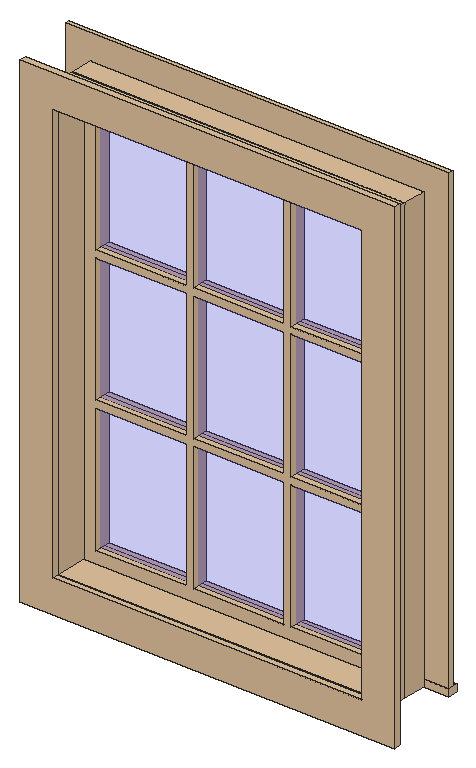
Revit family
Parameters (values of type "36" x 48"")
  Assembly Code = "B2020100"
  Glass Pane Material = Glass
  Height = 4' - 0"
  Sash Material = Sash
  Default Sill Height = 3' - 0"
  Trim Exterior Material = Trim
  Trim Interior Material = Trim
  Trim Projection - Ext. = 0' - 0 1/2"
  Trim Projection - Int. = 0' - 0 3/4"
  Trim Width - Exterior = 0' - 3 1/2"
  Trim Width - Interior = 0' - 3 1/2"
  Wall Closure = (empty or 0)
  Width = 3' - 0"
  Window Inset = 0' - 0 3/4"
Types (4): name | Height | Default Sill Height
  (no name) | 4' - 0" | 3' - 0"
  36" x 48" | 4' - 0" | 3' - 0"
  36" x 60" | 5' - 0" | 2' - 0"
  36" x 72" | 6' - 0" | 1' - 0"
Reference planes (in)
  plane 1: y = 0
  plane 2: z = 0
  plane 3 "Center": x = 0
  plane 4 "Left": x = -18
  plane 5 "Right": x = 18
  plane 6 "Sill": z = 36
  plane 7 "Top": z = 84
  plane 8: y = 3
  plane 9: y = -3
  plane 10: y = 2.25
  plane 11 "Top": z = 60
  plane 12: x = -15.5
  plane 13: x = 15.5
  plane 14: x = -5.29167
  plane 15: x = 5.29167
  plane 16: z = 81.5
  plane 17: z = 38.5
  plane 18: z = 67.29167
  plane 19: z = 52.70833
  plane 20: x = -16.75
  plane 21: x = -17.25
  plane 22: x = -20.25
  plane 23: x = -20.75
  plane 24: x = 16.75
  plane 25: x = 17.25
  plane 26: x = 20.25
  plane 27: x = 20.75
  plane 28: z = 86.75
  plane 29: z = 82.75
  plane 30: z = 83.25
  plane 31: z = 86.25
  plane 32: z = 37.25
  plane 33: z = 33.75
  plane 34: x = 15.875
  plane 35: x = -15.875
  plane 36: z = 81.875
  plane 37: z = 38.125
  plane 38 "Closure": y = 1.125
Forms (in)
  Extrusion 1, solid, material "Sash" <- "Sash Material"
    sketch origin (0, 0, 0) x (1, 0, 0) y (0, 0, 1)
      loop
        line (-18, 84) -> (-18, 36) -> (18, 36) -> (18, 84) -> (-18, 84)
      loop
        line (-17.25, 83.25) -> (-17.25, 36.75) -> (17.25, 36.75) -> (17.25, 83.25) -> (-17.25, 83.25)
    from -3 to -0.5
  Extrusion 2, solid, material "Sash" <- "Sash Material"
    sketch origin (0, 0, 0) x (-1, 0, 0) y (0, 0, 1)
      loop
        line (-18, 84) -> (-18, 36) -> (18, 36) -> (18, 84) -> (-18, 84)
      loop
        line (-16.75, 82.75) -> (-16.75, 37.25) -> (16.75, 37.25) -> (16.75, 82.75) -> (-16.75, 82.75)
    from 0.5 to -3
  Extrusion 3, solid, material "Sash" <- "Sash Material"
    sketch origin (0, 0, 0) x (-1, 0, 0) y (0, 0, 1)
      loop
        line (-17.25, 83.25) -> (-17.25, 36.75) -> (17.25, 36.75) -> (17.25, 83.25) -> (-17.25, 83.25)
      loop
        line (15.5, 81.5) -> (5.66667, 81.5) -> (5.66667, 67.66667) -> (15.5, 67.66667) -> (15.5, 81.5)
      loop
        line (15.5, 66.91667) -> (5.66667, 66.91667) -> (5.66667, 53.08333) -> (15.5, 53.08333) -> (15.5, 66.91667)
      loop
        line (15.5, 52.33333) -> (5.66667, 52.33333) -> (5.66667, 38.5) -> (15.5, 38.5) -> (15.5, 52.33333)
      loop
        line (4.91667, 81.5) -> (-4.91667, 81.5) -> (-4.91667, 67.66667) -> (4.91667, 67.66667) -> (4.91667, 81.5)
      loop
        line (4.91667, 66.91667) -> (-4.91667, 66.91667) -> (-4.91667, 53.08333) -> (4.91667, 53.08333) -> (4.91667, 66.91667)
      loop
        line (4.91667, 52.33333) -> (-4.91667, 52.33333) -> (-4.91667, 38.5) -> (4.91667, 38.5) -> (4.91667, 52.33333)
      loop
        line (-5.66667, 81.5) -> (-15.5, 81.5) -> (-15.5, 67.66667) -> (-5.66667, 67.66667) -> (-5.66667, 81.5)
      loop
        line (-5.66667, 66.91667) -> (-15.5, 66.91667) -> (-15.5, 53.08333) -> (-5.66667, 53.08333) -> (-5.66667, 66.91667)
      loop
        line (-5.66667, 52.33333) -> (-15.5, 52.33333) -> (-15.5, 38.5) -> (-5.66667, 38.5) -> (-5.66667, 52.33333)
    from 0.5 to 2.25
  Extrusion 4, solid, material "Trim" <- "Trim Interior Material"
    sketch origin (0, 0, 0) x (1, 0, 0) y (0, 0, 1)
      loop
        line (-16.75, 82.75) -> (-16.75, 37.25) -> (16.75, 37.25) -> (16.75, 82.75) -> (-16.75, 82.75)
      loop
        line (-20.25, 86.25) -> (-20.25, 33.75) -> (20.25, 33.75) -> (20.25, 86.25) -> (-20.25, 86.25)
    from 3 to 3.75
  Extrusion 5, solid, material "Glass" <- "Glass Pane Material"
    sketch origin (0, 0, 0) x (-1, 0, 0) y (0, 0, 1)
      loop
        line (-15.5, 81.5) -> (-15.5, 67.66667) -> (-5.66667, 67.66667) -> (-5.66667, 81.5) -> (-15.5, 81.5)
      loop
        line (-4.91667, 81.5) -> (-4.91667, 67.66667) -> (4.91667, 67.66667) -> (4.91667, 81.5) -> (-4.91667, 81.5)
      loop
        line (5.66667, 81.5) -> (5.66667, 67.66667) -> (15.5, 67.66667) -> (15.5, 81.5) -> (5.66667, 81.5)
      loop
        line (5.66667, 66.91667) -> (5.66667, 53.08333) -> (15.5, 53.08333) -> (15.5, 66.91667) -> (5.66667, 66.91667)
      loop
        line (-4.91667, 66.91667) -> (-4.91667, 53.08333) -> (4.91667, 53.08333) -> (4.91667, 66.91667) -> (-4.91667, 66.91667)
      loop
        line (-15.5, 66.91667) -> (-15.5, 53.08333) -> (-5.66667, 53.08333) -> (-5.66667, 66.91667) -> (-15.5, 66.91667)
      loop
        line (-15.5, 52.33333) -> (-15.5, 38.5) -> (-5.66667, 38.5) -> (-5.66667, 52.33333) -> (-15.5, 52.33333)
      loop
        line (-4.91667, 52.33333) -> (-4.91667, 38.5) -> (4.91667, 38.5) -> (4.91667, 52.33333) -> (-4.91667, 52.33333)
      loop
        line (5.66667, 52.33333) -> (5.66667, 38.5) -> (15.5, 38.5) -> (15.5, 52.33333) -> (5.66667, 52.33333)
    from 1.125 to 1.625
  Extrusion 6, solid, material "Trim" <- "Trim Exterior Material"
    sketch origin (0, 0, 0) x (-1, 0, 0) y (0, 0, 1)
      loop
        line (-17.25, 83.25) -> (17.25, 83.25) -> (17.25, 36.75) -> (20.75, 36.75) -> (20.75, 86.75) -> (-20.75, 86.75) -> (-20.75, 36.75) -> (-17.25, 36.75) -> (-17.25, 83.25)
    from 3 to 3.5
  Extrusion 7, solid, material "Trim" <- "Trim Exterior Material"
    sketch origin (0, 0, 0) x (-1, 0, 0) y (0, 0, 1)
      loop
        line (-20.75, 36.75) -> (-20.75, 36) -> (20.75, 36) -> (20.75, 36.75) -> (-20.75, 36.75)
    from 3 to 4
Lines and regions (in)
  Opening 1
    outline origin (-60, -3, 0) x (1, 0, 0) y (0, 0, 1)
      loop
        line (42, 84) -> (42, 36) -> (78, 36) -> (78, 84) -> (42, 84)
  symbolic lines, style "WindowsFrameMullionProjection"
    curve 1: line (-18, 3, 0) -> (-17.25, 3, 0)
    curve 2: line (-17.25, 0.5, 0) -> (-17.25, 3, 0)
    curve 3: line (-17.25, 0.5, 0) -> (-16.75, 0.5, 0)
    curve 4: line (-16.75, -3, 0) -> (-16.75, 0.5, 0)
    curve 5: line (18, 3, 0) -> (17.25, 3, 0)
    curve 6: line (16.75, 0.5, 0) -> (16.75, -3, 0)
    curve 7: line (16.75, 0.5, 0) -> (17.25, 0.5, 0)
    curve 8: line (17.25, 0.5, 0) -> (17.25, 3, 0)
    curve 9: line (-17.25, 2.25, 0) -> (-15.5, 2.25, 0)
    curve 10: line (-17.25, 2.25, 0) -> (-17.25, 0.5, 0)
    curve 11: line (-17.25, 0.5, 0) -> (-15.5, 0.5, 0)
    curve 12: line (-15.5, 2.25, 0) -> (-15.5, 0.5, 0)
    curve 13: line (17.25, 2.25, 0) -> (15.5, 2.25, 0)
    curve 14: line (17.25, 2.25, 0) -> (17.25, 0.5, 0)
    curve 15: line (17.25, 0.5, 0) -> (15.5, 0.5, 0)
    curve 16: line (15.5, 2.25, 0) -> (15.5, 0.5, 0)
    curve 22: line (-16.75, -3, 0) -> (-18, -3, 0)
    curve 23: line (16.75, -3, 0) -> (18, -3, 0)
  symbolic lines, style "WindowsGlassProjection"
    curve 17: line (-15.5, 1.375, 0) -> (15.5, 1.375, 0)
  symbolic lines, style "Elevation Swing"
    curve 18: line (15.5, 2.25, 60) -> (-15.5, 2.25, 81.5)
    curve 19: line (15.5, 2.25, 60) -> (-15.5, 2.25, 38.5)
    curve 20: line (-15.5, 0.5, 38.5) -> (15.5, 0.5, 60)
    curve 21: line (15.5, 0.5, 60) -> (-15.5, 0.5, 81.5)
Text (in)
  text "EXTERIOR" at (-56.58296, 30.41546, 0), in view "Floor Line"
  text "INTERIOR" at (-58.6888, -24.24049, 0), in view "Floor Line"
  text "Exterior" at (0, 43.65631, 134.44969), in view "Left"
  text "Exterior" at (0, 18.29385, 125.04747), in view "Right"
Dimensions and locks (in)
  equal spacing: plane 4 "Left", plane 3 "Center", plane 5 "Right"
  "Width": plane 4 "Left" to plane 5 "Right"
  plane 2 to plane 33 to plane 6 "Sill" to plane 30 to plane 7 "Top" = 2' - 9 3/4", 0' - 2 1/4", 3' - 11 1/4", 0' - 0 3/4"
  "Window Inset": plane 8 to plane 10
  locked: plane 10 to Extrusion 3 at 1.75
  "Trim Projection - Int.": Extrusion 4 to Extrusion 4
  equal spacing: plane 6 "Sill", plane 11 "Top", plane 7 "Top"
  locked: plane 4 "Left" to plane 12 at 2.5
  locked: plane 13 to plane 5 "Right" at 2.5
  locked: plane 6 "Sill" to plane 17 at 2.5
  locked: plane 16 to plane 7 "Top" at 2.5
  locked: Extrusion 3 to Extrusion 5 at 0.625
  locked: Extrusion 5 to Extrusion 5 at 0.5
  locked: Extrusion 7 to Extrusion 6 at 0.5
  "Trim Projection - Ext.": Extrusion 6 to Extrusion 6
  locked: plane 4 "Left" to plane 21 at 0.75
  locked: plane 25 to plane 5 "Right" at 0.75
  locked: plane 4 "Left" to plane 20 at 1.25
  locked: plane 24 to plane 5 "Right" at 1.25
  locked: plane 30 to plane 7 "Top" at 0.75
  "Trim Width - Exterior": plane 30 to plane 28
  "Trim Width - Exterior": plane 25 to plane 27
  "Trim Width - Exterior": plane 23 to plane 21
  locked: plane 7 "Top" to plane 29 at 1.25
  "Trim Width - Interior": plane 31 to plane 29
  "Trim Width - Interior": plane 32 to plane 33
  locked: plane 32 to plane 6 "Sill" at 1.25
  "Trim Width - Interior": plane 22 to plane 20
  "Trim Width - Interior": plane 24 to plane 26
  locked: plane 13 to plane 34 at 0.375
  locked: plane 35 to plane 12 at 0.375
  equal spacing: plane 35, plane 14, plane 15, plane 34
  locked: plane 16 to plane 36 at 0.375
  locked: plane 37 to plane 17 at 0.375
  equal spacing: plane 37, plane 19, plane 18, plane 36
  locked: Extrusion 7 sketch curve to Extrusion 7 sketch curve at 0.75
  "Height": plane 7 "Top" to plane 6 "Sill"
  "Default Sill Height": plane 6 "Sill" to plane 2
  locked: plane 38 "Closure" to plane 10 at 1.125
  aligned and locked: plane 7 "Top" to Opening 1 sketch curve
  aligned and locked: plane 6 "Sill" to Opening 1 sketch curve  (x2)
  aligned and locked: plane 5 "Right" to Opening 1 sketch curve
  aligned and locked: plane 4 "Left" to Opening 1 sketch curve
  aligned and locked: plane 9 to host wall
  aligned and locked: host wall to Extrusion 2
  aligned and locked: plane 10 to Extrusion 3
  aligned and locked: plane 8 to host wall
  aligned and locked: host wall to Extrusion 1
  aligned and locked: Extrusion 2 to Extrusion 1
  aligned and locked: Extrusion 1 to Extrusion 3
  aligned and locked: curve 5 to Extrusion 1  (x2)
  aligned and locked: curve 6 to Extrusion 2
  aligned and locked: curve 4 to Extrusion 2
  aligned and locked: Extrusion 1 to curve 11
  aligned and locked: Extrusion 1 to curve 7
  aligned and locked: Extrusion 4 sketch curve to Extrusion 2  (x4)
  aligned and locked: Extrusion 4 to host wall
  aligned and locked: curve 16 to Extrusion 3
  aligned and locked: Extrusion 5 sketch curve to Extrusion 3  (x24)
  aligned and locked: Extrusion 7 sketch curve to Extrusion 6  (x2)
  aligned and locked: Extrusion 6 to host wall
  aligned and locked: Extrusion 7 to host wall
Automatic sketch dimensions
  Extrusion 1 sketch curve to plane 4 "Left" = 0' - 0"
  Extrusion 1 sketch curve to plane 5 "Right" = 0' - 0"
  Extrusion 1 sketch curve to plane 4 "Left" = 0' - 0 3/4"
  plane 5 "Right" to Extrusion 1 sketch curve = 0' - 0 3/4"
  Extrusion 1 sketch curve to plane 6 "Sill" = 0' - 0"
  Extrusion 1 sketch curve to plane 7 "Top" = 0' - 0"
  Extrusion 1 sketch curve to plane 6 "Sill" = 0' - 0 3/4"
  plane 7 "Top" to Extrusion 1 sketch curve = 0' - 0 3/4"
  Extrusion 2 sketch curve to plane 5 "Right" = 0' - 0"
  Extrusion 2 sketch curve to plane 4 "Left" = 0' - 0"
  plane 5 "Right" to Extrusion 2 sketch curve = 0' - 1 1/4"
  Extrusion 2 sketch curve to plane 4 "Left" = 0' - 1 1/4"
  Extrusion 2 sketch curve to plane 6 "Sill" = 0' - 0"
  Extrusion 2 sketch curve to plane 7 "Top" = 0' - 0"
  Extrusion 2 sketch curve to plane 6 "Sill" = 0' - 1 1/4"
  plane 7 "Top" to Extrusion 2 sketch curve = 0' - 1 1/4"
  Extrusion 3 sketch curve to plane 13 = 0' - 0"  (x3)
  Extrusion 3 sketch curve to plane 17 = 0' - 0"  (x3)
  Extrusion 3 sketch curve to plane 16 = 0' - 0"  (x3)
  Extrusion 3 sketch curve to plane 12 = 0' - 0"  (x3)
  plane 5 "Right" to Extrusion 3 sketch curve = 0' - 0 3/4"
  Extrusion 3 sketch curve to plane 15 = 0' - 0 3/8"  (x3)
  plane 15 to Extrusion 3 sketch curve = 0' - 0 3/8"  (x3)
  Extrusion 3 sketch curve to plane 14 = 0' - 0 3/8"  (x3)
  plane 14 to Extrusion 3 sketch curve = 0' - 0 3/8"  (x3)
  Extrusion 3 sketch curve to plane 4 "Left" = 0' - 0 3/4"
  Extrusion 3 sketch curve to plane 6 "Sill" = 0' - 0 3/4"
  plane 19 to Extrusion 3 sketch curve = 0' - 0 3/8"  (x3)
  Extrusion 3 sketch curve to plane 19 = 0' - 0 3/8"  (x3)
  plane 18 to Extrusion 3 sketch curve = 0' - 0 3/8"  (x3)
  Extrusion 3 sketch curve to plane 18 = 0' - 0 3/8"  (x3)
  plane 7 "Top" to Extrusion 3 sketch curve = 0' - 0 3/4"
  curve 19 to plane 11 "Top" = 0' - 0"
  curve 21 to plane 11 "Top" = 0' - 0"
  plane 7 "Top" to curve 21 = 0' - 2 1/2"
  curve 18 to curve 21 = 0' - 0"
  curve 20 to plane 6 "Sill" = 0' - 2 1/2"
  curve 19 to curve 20 = 0' - 0"  (x2)
  curve 18 to plane 4 "Left" = 0' - 2 1/2"
  curve 20 to plane 4 "Left" = 0' - 2 1/2"
  curve 21 to curve 18 = 0' - 0"
  plane 5 "Right" to curve 20 = 0' - 2 1/2"
  curve 19 to curve 21 = 0' - 0"
  plane 5 "Right" to Extrusion 5 sketch curve = 0' - 2 1/2"  (x2)
  Extrusion 5 sketch curve to Extrusion 5 sketch curve = 0' - 0"  (x5)
  Extrusion 5 sketch curve to plane 4 "Left" = 0' - 2 1/2"
  Extrusion 5 sketch curve to plane 6 "Sill" = 0' - 2 1/2"  (x2)
  plane 7 "Top" to Extrusion 5 sketch curve = 0' - 2 1/2"  (x2)
  curve 22 to plane 4 "Left" = 0' - 0"
  curve 1 to plane 4 "Left" = 0' - 0"
  curve 2 to plane 8 = 0' - 0"
  curve 10 to plane 10 = 0' - 0"
  curve 13 to plane 10 = 0' - 0"
  curve 23 to plane 5 "Right" = 0' - 0"
  curve 2 to plane 4 "Left" = 0' - 0 3/4"
  curve 9 to curve 12 = 0' - 1 3/4"
  plane 5 "Right" to curve 13 = 0' - 0 3/4"
  curve 23 to plane 9 = 0' - 0"
  curve 4 to plane 9 = 0' - 0"
  curve 11 to curve 17 = 0' - 0 7/8"
  Extrusion 7 sketch curve to plane 23 = 0' - 0"
  Extrusion 4 sketch curve to plane 22 = 0' - 0"
  Extrusion 4 sketch curve to plane 26 = 0' - 0"
  Extrusion 4 sketch curve to plane 33 = 0' - 0"
  Extrusion 4 sketch curve to plane 31 = 0' - 0"
  Extrusion 6 sketch curve to plane 27 = 0' - 0"
  Extrusion 6 sketch curve to plane 25 = 0' - 0"
  Extrusion 6 sketch curve to plane 21 = 0' - 0"
  Extrusion 6 sketch curve to plane 23 = 0' - 0"
  Extrusion 6 sketch curve to plane 30 = 0' - 0"
  Extrusion 6 sketch curve to plane 28 = 0' - 0"
  Extrusion 6 sketch curve to plane 6 "Sill" = 0' - 0 3/4"  (x2)
